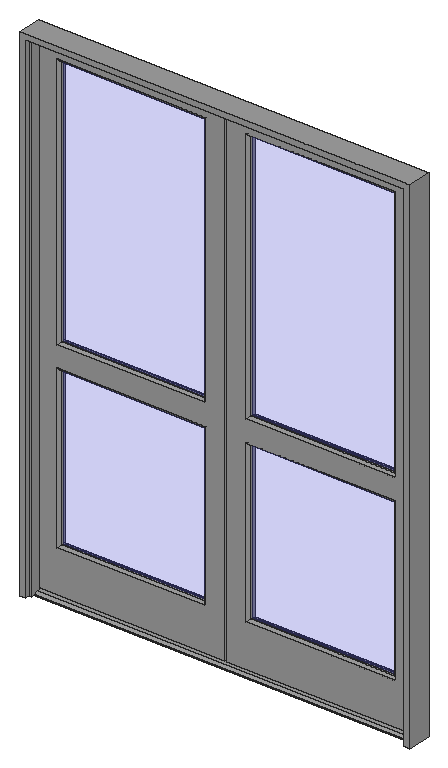
Revit family "MS-375 DOOR-Double-VIP-0.25-CW_v04", category Curtain Panels, Revit 2015 (continued)
Definition of nested family "2.5x6-RTCIG CW-H8533-DHD-OHD SC-DI"
  Lines and regions (in)
    detail lines, in view "Ref. Level", detail levels fine
      curve 103: line (0.65096, -1.36833, 0) -> (0.58796, -1.37733, 0)
      curve 104: line (0.58796, -1.37733, 0) -> (0.60596, -1.37733, 0)
      curve 105: line (0.60596, -1.37733, 0) -> (0.61696, -1.37533, 0)
      curve 106: line (0.61696, -1.37533, 0) -> (0.63196, -1.37433, 0)
      curve 107: line (0.63196, -1.37433, 0) -> (0.65896, -1.37233, 0)
      curve 108: line (0.65896, -1.37233, 0) -> (0.67896, -1.37033, 0)
      curve 109: line (0.67896, -1.37033, 0) -> (0.65296, -1.36633, 0)
      curve 110: line (0.65296, -1.36633, 0) -> (0.62296, -1.36633, 0)
      curve 111: line (0.62296, -1.36633, 0) -> (0.58996, -1.36433, 0)
      curve 112: line (0.58996, -1.36433, 0) -> (0.54796, -1.36933, 0)
      curve 113: line (0.57196, -1.38433, 0) -> (0.58996, -1.38133, 0)
      curve 114: line (0.58996, -1.38133, 0) -> (0.54796, -1.38833, 0)
      curve 115: line (0.54796, -1.38833, 0) -> (0.57196, -1.38433, 0)
      curve 116: line (0.54996, -1.24133, 0) -> (0.56796, -1.23933, 0)
      curve 117: line (0.56796, -1.23933, 0) -> (0.58096, -1.23733, 0)
      curve 118: line (0.58096, -1.23733, 0) -> (0.59396, -1.23533, 0)
      curve 119: line (0.59396, -1.23533, 0) -> (0.61496, -1.23533, 0)
      curve 120: line (0.61496, -1.23533, 0) -> (0.62796, -1.23533, 0)
      curve 121: line (0.62796, -1.23533, 0) -> (0.65696, -1.23733, 0)
      curve 122: line (0.65696, -1.23733, 0) -> (0.67096, -1.23733, 0)
      curve 123: line (0.67096, -1.23733, 0) -> (0.67896, -1.23933, 0)
      curve 124: line (0.67896, -1.23933, 0) -> (0.69696, -1.24133, 0)
      curve 125: line (0.69696, -1.24133, 0) -> (0.71096, -1.24433, 0)
      curve 126: line (0.71096, -1.24433, 0) -> (0.72796, -1.25233, 0)
      curve 127: line (0.72796, -1.25233, 0) -> (0.74196, -1.25233, 0)
      curve 128: line (0.74196, -1.25233, 0) -> (0.72596, -1.24433, 0)
      curve 129: line (0.72596, -1.24433, 0) -> (0.71096, -1.25033, 0)
      curve 130: line (0.71096, -1.25033, 0) -> (0.70196, -1.25033, 0)
      curve 131: line (0.70196, -1.25033, 0) -> (0.68596, -1.25033, 0)
      curve 132: line (0.68596, -1.25033, 0) -> (0.67096, -1.24633, 0)
      curve 133: line (0.67096, -1.24633, 0) -> (0.65496, -1.24633, 0)
      curve 134: line (0.65496, -1.24633, 0) -> (0.62296, -1.24633, 0)
      curve 135: line (0.62296, -1.24633, 0) -> (0.60596, -1.24633, 0)
      curve 136: line (0.60596, -1.24633, 0) -> (0.59396, -1.24633, 0)
      curve 137: line (0.59396, -1.24633, 0) -> (0.54796, -1.25433, 0)
      curve 138: line (0.54996, -1.20833, 0) -> (0.56096, -1.20833, 0)
      curve 139: line (0.56096, -1.20833, 0) -> (0.58096, -1.20833, 0)
      curve 140: line (0.58096, -1.20833, 0) -> (0.59196, -1.20633, 0)
      curve 141: line (0.59196, -1.20633, 0) -> (0.59896, -1.20633, 0)
      curve 142: line (0.59896, -1.20633, 0) -> (0.60596, -1.20833, 0)
      curve 143: line (0.60596, -1.20833, 0) -> (0.62296, -1.21433, 0)
      curve 144: line (0.62296, -1.21433, 0) -> (0.65496, -1.21233, 0)
      curve 145: line (0.65496, -1.21233, 0) -> (0.66196, -1.21033, 0)
      curve 146: line (0.66196, -1.21033, 0) -> (0.67096, -1.21233, 0)
      curve 147: line (0.67096, -1.21233, 0) -> (0.68096, -1.21233, 0)
      curve 148: line (0.68096, -1.21233, 0) -> (0.68996, -1.21233, 0)
      curve 149: line (0.74596, -1.21033, 0) -> (0.73496, -1.21033, 0)
      curve 150: line (0.73496, -1.21033, 0) -> (0.74196, -1.21033, 0)
      curve 151: line (0.74196, -1.21033, 0) -> (0.75296, -1.21033, 0)
      curve 152: line (0.75296, -1.21033, 0) -> (0.76396, -1.21033, 0)
      curve 153: line (0.76396, -1.21033, 0) -> (0.77496, -1.20633, 0)
      curve 154: line (0.77896, -1.20633, 0) -> (0.76796, -1.20633, 0)
      curve 155: line (0.76796, -1.20633, 0) -> (0.76096, -1.20633, 0)
      curve 156: line (0.76096, -1.20633, 0) -> (0.75296, -1.20833, 0)
      curve 157: line (0.75296, -1.20833, 0) -> (0.74596, -1.21033, 0)
      curve 158: line (0.78096, -1.27033, 0) -> (0.76996, -1.27233, 0)
      curve 159: line (0.76996, -1.27233, 0) -> (0.75496, -1.27433, 0)
      curve 160: line (0.75496, -1.27433, 0) -> (0.74396, -1.27433, 0)
      curve 161: line (0.74396, -1.27433, 0) -> (0.73496, -1.27433, 0)
      curve 162: line (0.73496, -1.27433, 0) -> (0.71496, -1.27433, 0)
      curve 163: line (0.71496, -1.27433, 0) -> (0.69696, -1.27433, 0)
      curve 164: line (0.69696, -1.27433, 0) -> (0.67496, -1.27033, 0)
      curve 165: line (0.67496, -1.27033, 0) -> (0.65696, -1.27033, 0)
      curve 166: line (0.65696, -1.27033, 0) -> (0.60996, -1.27033, 0)
      curve 167: line (0.60996, -1.27033, 0) -> (0.57396, -1.27033, 0)
      curve 168: line (0.57396, -1.27033, 0) -> (0.54796, -1.26833, 0)
      curve 169: line (0.54796, -1.26133, 0) -> (0.56796, -1.26133, 0)
      curve 170: line (0.56796, -1.26133, 0) -> (0.59696, -1.26133, 0)
      curve 171: line (0.59696, -1.26133, 0) -> (0.62496, -1.26133, 0)
      curve 172: line (0.62496, -1.26133, 0) -> (0.66796, -1.26333, 0)
      curve 173: line (0.66796, -1.26333, 0) -> (0.70096, -1.26433, 0)
      curve 174: line (0.70096, -1.26433, 0) -> (0.71896, -1.26333, 0)
      curve 175: line (0.71896, -1.26333, 0) -> (0.73296, -1.26333, 0)
      curve 176: line (0.73296, -1.26333, 0) -> (0.75096, -1.26333, 0)
      curve 177: line (0.75096, -1.26333, 0) -> (0.76096, -1.26333, 0)
      curve 178: line (0.76096, -1.26333, 0) -> (0.76796, -1.26333, 0)
      curve 179: line (0.76796, -1.26333, 0) -> (0.78096, -1.26333, 0)
      curve 180: line (0.78096, -1.25133, 0) -> (0.76996, -1.25033, 0)
      curve 181: line (0.76996, -1.25033, 0) -> (0.76196, -1.25033, 0)
      curve 182: line (0.76196, -1.25033, 0) -> (0.75096, -1.25233, 0)
      curve 183: line (0.75096, -1.25233, 0) -> (0.74196, -1.25233, 0)
      curve 184: line (0.74196, -1.25233, 0) -> (0.74996, -1.24833, 0)
      curve 185: line (0.74996, -1.24833, 0) -> (0.76396, -1.24633, 0)
      curve 186: line (0.76396, -1.24633, 0) -> (0.77496, -1.24333, 0)
      curve 187: line (0.76996, -1.22433, 0) -> (0.75496, -1.22433, 0)
      curve 188: line (0.75496, -1.22433, 0) -> (0.74196, -1.22633, 0)
      curve 189: line (0.74196, -1.22633, 0) -> (0.73296, -1.22633, 0)
      curve 190: line (0.73296, -1.22633, 0) -> (0.70996, -1.22433, 0)
      curve 191: line (0.70996, -1.22433, 0) -> (0.69896, -1.22333, 0)
      curve 192: line (0.69896, -1.22333, 0) -> (0.67696, -1.22433, 0)
      curve 193: line (0.67696, -1.22433, 0) -> (0.65296, -1.22333, 0)
      curve 194: line (0.65296, -1.22333, 0) -> (0.62296, -1.22333, 0)
      curve 195: line (0.62296, -1.22333, 0) -> (0.59896, -1.22133, 0)
      curve 196: line (0.59896, -1.22133, 0) -> (0.58096, -1.22133, 0)
      curve 197: line (0.58096, -1.22133, 0) -> (0.56096, -1.22133, 0)
      curve 198: line (0.56096, -1.22133, 0) -> (0.54796, -1.22233, 0)
      curve 199: line (0.73496, -1.21033, 0) -> (0.71896, -1.21233, 0)
      curve 200: line (0.71896, -1.21233, 0) -> (0.70996, -1.20833, 0)
      curve 201: line (0.70996, -1.20833, 0) -> (0.72396, -1.20833, 0)
      curve 202: line (0.72396, -1.20833, 0) -> (0.73296, -1.21233, 0)
      curve 203: line (0.73296, -1.37433, 0) -> (0.74396, -1.37433, 0)
      curve 204: line (0.74396, -1.37433, 0) -> (0.76096, -1.37433, 0)
      curve 205: line (0.76096, -1.37433, 0) -> (0.77296, -1.37433, 0)
      curve 206: line (0.78096, -1.37033, 0) -> (0.77096, -1.37033, 0)
      curve 207: line (0.77096, -1.37033, 0) -> (0.75496, -1.37033, 0)
      curve 208: line (0.75496, -1.37033, 0) -> (0.74796, -1.36833, 0)
      curve 209: line (0.74796, -1.36833, 0) -> (0.74096, -1.36833, 0)
      curve 210: line (0.74096, -1.36833, 0) -> (0.72996, -1.36633, 0)
      curve 211: line (0.72996, -1.36633, 0) -> (0.71496, -1.36633, 0)
      curve 212: line (0.71496, -1.36633, 0) -> (0.70396, -1.36633, 0)
      curve 213: line (0.70396, -1.36633, 0) -> (0.68996, -1.37033, 0)
      curve 214: line (0.68996, -1.37033, 0) -> (0.70596, -1.37233, 0)
      curve 215: line (0.70596, -1.37233, 0) -> (0.72096, -1.37233, 0)
      curve 216: line (0.72096, -1.37233, 0) -> (0.73296, -1.37433, 0)
      curve 217: line (0.75896, -1.35433, 0) -> (0.74796, -1.35033, 0)
      curve 218: line (0.74796, -1.35033, 0) -> (0.76396, -1.34633, 0)
      curve 219: line (0.76396, -1.34633, 0) -> (0.77296, -1.34633, 0)
      curve 220: line (0.77296, -1.34633, 0) -> (0.78096, -1.34833, 0)
      curve 221: line (0.78096, -1.34833, 0) -> (0.77296, -1.35433, 0)
      curve 222: line (0.77296, -1.35433, 0) -> (0.76596, -1.35433, 0)
      curve 223: line (0.76596, -1.35433, 0) -> (0.75896, -1.35433, 0)
      curve 224: line (0.54796, -1.31033, 0) -> (0.55896, -1.31033, 0)
      curve 225: line (0.55896, -1.31033, 0) -> (0.58796, -1.30833, 0)
      curve 226: line (0.58796, -1.30833, 0) -> (0.61496, -1.30833, 0)
      curve 227: line (0.61496, -1.30833, 0) -> (0.62796, -1.30833, 0)
      curve 228: line (0.62796, -1.30833, 0) -> (0.66196, -1.31033, 0)
      curve 229: line (0.66196, -1.31033, 0) -> (0.68096, -1.31233, 0)
      curve 230: line (0.68096, -1.31233, 0) -> (0.69896, -1.31433, 0)
      curve 231: line (0.69896, -1.31433, 0) -> (0.72096, -1.31433, 0)
      curve 232: line (0.72096, -1.31433, 0) -> (0.73696, -1.31433, 0)
      curve 233: line (0.73696, -1.31433, 0) -> (0.75896, -1.31433, 0)
      curve 234: line (0.75896, -1.31433, 0) -> (0.76596, -1.31433, 0)
      curve 235: line (0.76596, -1.31433, 0) -> (0.77896, -1.31033, 0)
      curve 236: line (0.54796, -1.32333, 0) -> (0.57896, -1.32133, 0)
      curve 237: line (0.57896, -1.32133, 0) -> (0.60496, -1.31933, 0)
      curve 238: line (0.60496, -1.31933, 0) -> (0.61896, -1.31933, 0)
      curve 239: line (0.61896, -1.31933, 0) -> (0.66196, -1.31933, 0)
      curve 240: line (0.66196, -1.31933, 0) -> (0.67696, -1.32133, 0)
      curve 241: line (0.67696, -1.32133, 0) -> (0.70096, -1.32133, 0)
      curve 242: line (0.70096, -1.32133, 0) -> (0.71496, -1.32133, 0)
      curve 243: line (0.71496, -1.32133, 0) -> (0.73496, -1.32133, 0)
      curve 244: line (0.73496, -1.32133, 0) -> (0.75096, -1.32333, 0)
      curve 245: line (0.75096, -1.32333, 0) -> (0.76196, -1.32433, 0)
      curve 246: line (0.76196, -1.32433, 0) -> (0.77096, -1.32433, 0)
      curve 247: line (0.77096, -1.32433, 0) -> (0.78096, -1.32433, 0)
      curve 248: line (0.73296, -1.35433, 0) -> (0.74796, -1.35433, 0)
      curve 249: line (0.74796, -1.35433, 0) -> (0.72596, -1.35733, 0)
      curve 250: line (0.72596, -1.35733, 0) -> (0.73296, -1.35433, 0)
      curve 251: line (0.71296, -1.35533, 0) -> (0.70396, -1.36133, 0)
      curve 252: line (0.70396, -1.36133, 0) -> (0.72596, -1.35733, 0)
      curve 253: line (0.72596, -1.35733, 0) -> (0.71296, -1.35533, 0)
      curve 254: line (0.54796, -1.29533, 0) -> (0.57696, -1.29533, 0)
      curve 255: line (0.57696, -1.29533, 0) -> (0.60996, -1.29533, 0)
      curve 256: line (0.60996, -1.29533, 0) -> (0.65296, -1.29533, 0)
      curve 257: line (0.65296, -1.29533, 0) -> (0.67296, -1.29533, 0)
      curve 258: line (0.67296, -1.29533, 0) -> (0.69896, -1.29933, 0)
      curve 259: line (0.69896, -1.29933, 0) -> (0.70796, -1.29933, 0)
      curve 260: line (0.70796, -1.29933, 0) -> (0.72096, -1.30133, 0)
      curve 261: line (0.72096, -1.30133, 0) -> (0.73296, -1.30133, 0)
      curve 262: line (0.73296, -1.30133, 0) -> (0.74396, -1.30133, 0)
      curve 263: line (0.74396, -1.30133, 0) -> (0.75296, -1.30133, 0)
      curve 264: line (0.75296, -1.30133, 0) -> (0.76996, -1.29933, 0)
      curve 265: line (0.76996, -1.29933, 0) -> (0.77696, -1.29933, 0)
      curve 266: line (0.77696, -1.29933, 0) -> (0.77696, -1.2896, 0)
      curve 267: line (0.78096, -1.28933, 0) -> (0.76596, -1.29033, 0)
      curve 268: line (0.76596, -1.29033, 0) -> (0.75496, -1.29033, 0)
      curve 269: line (0.75496, -1.29033, 0) -> (0.74096, -1.29233, 0)
      curve 270: line (0.74096, -1.29233, 0) -> (0.70996, -1.28833, 0)
      curve 271: line (0.70996, -1.28833, 0) -> (0.69296, -1.28833, 0)
      curve 272: line (0.69296, -1.28833, 0) -> (0.67696, -1.28833, 0)
      curve 273: line (0.67696, -1.28833, 0) -> (0.66096, -1.28633, 0)
      curve 274: line (0.66096, -1.28633, 0) -> (0.62296, -1.28633, 0)
      curve 275: line (0.62296, -1.28633, 0) -> (0.60096, -1.28433, 0)
      curve 276: line (0.60096, -1.28433, 0) -> (0.56096, -1.28333, 0)
      curve 277: line (0.56096, -1.28333, 0) -> (0.54796, -1.28333, 0)
      curve 278: line (0.54796, -1.33833, 0) -> (0.57896, -1.33533, 0)
      curve 279: line (0.57896, -1.33533, 0) -> (0.61496, -1.33733, 0)
      curve 280: line (0.61496, -1.33733, 0) -> (0.65296, -1.33733, 0)
      curve 281: line (0.65296, -1.33733, 0) -> (0.67496, -1.33733, 0)
      curve 282: line (0.67496, -1.33733, 0) -> (0.69496, -1.33733, 0)
      curve 283: line (0.69496, -1.33733, 0) -> (0.70996, -1.33733, 0)
      curve 284: line (0.70996, -1.33733, 0) -> (0.72596, -1.33933, 0)
      curve 285: line (0.72596, -1.33933, 0) -> (0.73696, -1.33933, 0)
      curve 286: line (0.73696, -1.33933, 0) -> (0.74796, -1.33933, 0)
      curve 287: line (0.74796, -1.33933, 0) -> (0.75896, -1.33933, 0)
      curve 288: line (0.75896, -1.33933, 0) -> (0.77696, -1.33733, 0)
      curve 289: line (0.78096, -1.41933, 0) -> (0.78096, -1.15933, 0)
    detail lines, in view "Ref. Level", detail levels medium
      curve 290: arc (1.65506, -0.328, 0) -> (1.67791, -0.38315, 0) -> (1.73306, -0.406, 0) r 0.078
      curve 291: arc (0.20206, -0.406, 0) -> (0.25722, -0.38315, 0) -> (0.28006, -0.328, 0) r 0.078
      curve 292: arc (0.68756, -1.173, 0) -> (0.71506, -1.2005, 0) -> (0.74256, -1.173, 0) r 0.0275
      curve 293: arc (0.74256, -1.408, 0) -> (0.71506, -1.3805, 0) -> (0.68756, -1.408, 0) r 0.0275
      curve 294: arc (2.00056, -1, 0) -> (1.96239, -1.07442, 0) -> (2.04511, -1.062, 0) r 0.047
      curve 295: arc (0.95295, -1.053, 0) -> (1.03486, -1.07804, 0) -> (0.99956, -1, 0) r 0.047
      curve 296: line (1.73306, -0.406, 0) -> (1.98306, -0.406, 0)
      curve 297: line (1.98306, -0.406, 0) -> (1.98306, -0.375, 0)
      curve 298: line (1.98306, -0.375, 0) -> (3.09256, -0.375, 0)
      curve 299: line (3.09256, -0.375, 0) -> (3.09256, -0.875, 0)
      curve 300: line (3.09256, -0.875, 0) -> (-1.15744, -0.875, 0)
      curve 301: line (-1.15744, -0.875, 0) -> (-1.15744, -0.375, 0)
      curve 302: line (-1.15744, -0.375, 0) -> (-0.04794, -0.375, 0)
      curve 303: line (-0.04794, -0.375, 0) -> (-0.04794, -0.406, 0)
      curve 304: line (-0.04794, -0.406, 0) -> (0.20206, -0.406, 0)
      curve 305: line (0.28006, -0.328, 0) -> (0.03006, -0.328, 0)
      curve 306: line (0.03006, -0.328, 0) -> (0.03006, -0.25, 0)
      curve 307: line (0.03006, -0.25, 0) -> (-1.28244, -0.25, 0)
      curve 308: line (-1.28244, -0.25, 0) -> (-1.28244, -1, 0)
      curve 309: line (-1.28244, -1, 0) -> (3.21756, -1, 0)
      curve 310: line (3.21756, -1, 0) -> (3.21756, -0.25, 0)
      curve 311: line (3.21756, -0.25, 0) -> (1.90506, -0.25, 0)
      curve 312: line (1.90506, -0.25, 0) -> (1.90506, -0.328, 0)
      curve 313: line (1.90506, -0.328, 0) -> (1.65506, -0.328, 0)
      curve 314: line (0.74256, -1.173, 0) -> (0.74256, -1.143, 0)
      curve 315: line (0.74256, -1.143, 0) -> (0.79756, -1.143, 0)
      curve 316: line (0.79756, -1.143, 0) -> (0.79756, -1.438, 0)
      curve 317: line (0.79756, -1.438, 0) -> (0.74256, -1.438, 0)
      curve 318: line (0.74256, -1.438, 0) -> (0.74256, -1.408, 0)
      curve 319: line (0.68756, -1.408, 0) -> (0.68756, -1.5, 0)
      curve 320: line (0.68756, -1.5, 0) -> (2.31256, -1.5, 0)
      curve 321: line (2.31256, -1.5, 0) -> (2.31256, -1, 0)
      curve 322: line (2.31256, -1, 0) -> (2.00056, -1, 0)
      curve 323: line (2.04511, -1.062, 0) -> (2.25056, -1.062, 0)
      curve 324: line (2.25056, -1.062, 0) -> (2.25056, -1.438, 0)
      curve 325: line (2.25056, -1.438, 0) -> (0.85956, -1.438, 0)
      curve 326: line (0.85956, -1.438, 0) -> (0.85956, -1.053, 0)
      curve 327: line (0.85956, -1.053, 0) -> (0.95295, -1.053, 0)
      curve 328: line (0.99956, -1, 0) -> (0.79756, -1, 0)
      curve 329: line (0.79756, -1, 0) -> (0.79756, -1.081, 0)
      curve 330: line (0.79756, -1.081, 0) -> (0.74256, -1.081, 0)
      curve 331: line (0.74256, -1.081, 0) -> (0.74256, -1, 0)
      curve 332: line (0.74256, -1, 0) -> (0.68756, -1, 0)
      curve 333: line (0.68756, -1, 0) -> (0.68756, -1.173, 0)
      curve 334: line (-1.28244, 0, 0) -> (-1.28244, -1, 0)
      curve 335: line (-1.28244, -1, 0) -> (0.68756, -1, 0)
      curve 336: line (0.68756, -1, 0) -> (0.68756, -1.5, 0)
      curve 337: line (0.68756, -1.5, 0) -> (2.31256, -1.5, 0)
      curve 338: line (2.31256, -1.5, 0) -> (2.31256, -1, 0)
      curve 339: line (2.31256, -1, 0) -> (3.21756, -1, 0)
      curve 340: line (3.21756, -1, 0) -> (3.21756, 0, 0)
      curve 341: line (3.21756, 0, 0) -> (-1.28244, 0, 0)
    detail lines, in view "Ref. Level", not visible, detail levels fine
      curve 342: arc (1.65506, -0.328, 0) -> (1.67791, -0.38315, 0) -> (1.73306, -0.406, 0) r 0.078
      curve 343: arc (0.20206, -0.406, 0) -> (0.25722, -0.38315, 0) -> (0.28006, -0.328, 0) r 0.078
      curve 344: arc (0.68756, -1.173, 0) -> (0.71506, -1.2005, 0) -> (0.74256, -1.173, 0) r 0.0275
      curve 345: arc (0.74256, -1.408, 0) -> (0.71506, -1.3805, 0) -> (0.68756, -1.408, 0) r 0.0275
      curve 346: arc (2.00056, -1, 0) -> (1.96239, -1.07442, 0) -> (2.04511, -1.062, 0) r 0.047
      curve 347: arc (0.95295, -1.053, 0) -> (1.03486, -1.07804, 0) -> (0.99956, -1, 0) r 0.047
      curve 348: line (1.73306, -0.406, 0) -> (1.98306, -0.406, 0)
      curve 349: line (1.98306, -0.406, 0) -> (1.98306, -0.375, 0)
      curve 350: line (1.98306, -0.375, 0) -> (3.09256, -0.375, 0)
      curve 351: line (3.09256, -0.375, 0) -> (3.09256, -0.875, 0)
      curve 352: line (3.09256, -0.875, 0) -> (-1.15744, -0.875, 0)
      curve 353: line (-1.15744, -0.875, 0) -> (-1.15744, -0.375, 0)
      curve 354: line (-1.15744, -0.375, 0) -> (-0.04794, -0.375, 0)
      curve 355: line (-0.04794, -0.375, 0) -> (-0.04794, -0.406, 0)
      curve 356: line (-0.04794, -0.406, 0) -> (0.20206, -0.406, 0)
      curve 357: line (0.28006, -0.328, 0) -> (0.03006, -0.328, 0)
      curve 358: line (0.03006, -0.328, 0) -> (0.03006, -0.25, 0)
      curve 359: line (0.03006, -0.25, 0) -> (-1.28244, -0.25, 0)
      curve 360: line (-1.28244, -0.25, 0) -> (-1.28244, -1, 0)
      curve 361: line (-1.28244, -1, 0) -> (3.21756, -1, 0)
      curve 362: line (3.21756, -1, 0) -> (3.21756, -0.25, 0)
      curve 363: line (3.21756, -0.25, 0) -> (1.90506, -0.25, 0)
      curve 364: line (1.90506, -0.25, 0) -> (1.90506, -0.328, 0)
      curve 365: line (1.90506, -0.328, 0) -> (1.65506, -0.328, 0)
      curve 366: line (0.74256, -1.173, 0) -> (0.74256, -1.143, 0)
      curve 367: line (0.74256, -1.143, 0) -> (0.79756, -1.143, 0)
      curve 368: line (0.79756, -1.143, 0) -> (0.79756, -1.438, 0)
      curve 369: line (0.79756, -1.438, 0) -> (0.74256, -1.438, 0)
      curve 370: line (0.74256, -1.438, 0) -> (0.74256, -1.408, 0)
      curve 371: line (0.68756, -1.408, 0) -> (0.68756, -1.5, 0)
      curve 372: line (0.68756, -1.5, 0) -> (2.31256, -1.5, 0)
      curve 373: line (2.31256, -1.5, 0) -> (2.31256, -1, 0)
      curve 374: line (2.31256, -1, 0) -> (2.00056, -1, 0)
      curve 375: line (2.04511, -1.062, 0) -> (2.25056, -1.062, 0)
      curve 376: line (2.25056, -1.062, 0) -> (2.25056, -1.438, 0)
      curve 377: line (2.25056, -1.438, 0) -> (0.85956, -1.438, 0)
      curve 378: line (0.85956, -1.438, 0) -> (0.85956, -1.053, 0)
      curve 379: line (0.85956, -1.053, 0) -> (0.95295, -1.053, 0)
      curve 380: line (0.99956, -1, 0) -> (0.79756, -1, 0)
      curve 381: line (0.79756, -1, 0) -> (0.79756, -1.081, 0)
      curve 382: line (0.79756, -1.081, 0) -> (0.74256, -1.081, 0)
      curve 383: line (0.74256, -1.081, 0) -> (0.74256, -1, 0)
      curve 384: line (0.74256, -1, 0) -> (0.68756, -1, 0)
      curve 385: line (0.68756, -1, 0) -> (0.68756, -1.173, 0)
      curve 386: line (-1.28244, 0, 0) -> (-1.28244, -1, 0)
      curve 387: line (-1.28244, -1, 0) -> (0.68756, -1, 0)
      curve 388: line (0.68756, -1, 0) -> (0.68756, -1.5, 0)
      curve 389: line (0.68756, -1.5, 0) -> (2.31256, -1.5, 0)
      curve 390: line (2.31256, -1.5, 0) -> (2.31256, -1, 0)
      curve 391: line (2.31256, -1, 0) -> (3.21756, -1, 0)
      curve 392: line (3.21756, -1, 0) -> (3.21756, 0, 0)
      curve 393: line (3.21756, 0, 0) -> (-1.28244, 0, 0)
      curve 394: arc (-1.28244, -0.25, 0) -> (-1.26095, -0.125, 0) -> (-1.28244, 0, 0) r 0.37439
      curve 395: arc (3.21756, 0, 0) -> (3.19608, -0.125, 0) -> (3.21756, -0.25, 0) r 0.37439
      curve 396: arc (1.95497, -1.14175, 0) -> (1.95619, -1.1362, 0) -> (1.95482, -1.13068, 0) r 0.0125
      curve 397: arc (1.98284, -1.14139, 0) -> (1.98406, -1.13584, 0) -> (1.9827, -1.13032, 0) r 0.0125
      curve 398: arc (1.01743, -1.13032, 0) -> (1.01607, -1.13584, 0) -> (1.01729, -1.14139, 0) r 0.0125
      curve 399: arc (1.0453, -1.13068, 0) -> (1.04394, -1.1362, 0) -> (1.04516, -1.14175, 0) r 0.0125
      curve 400: arc (1.10681, -1.025, 0) -> (1.10028, -1.02684, 0) -> (1.09567, -1.03182, 0) r 0.0125
      curve 401: arc (1.90446, -1.03183, 0) -> (1.89985, -1.02684, 0) -> (1.89332, -1.025, 0) r 0.0125
      curve 402: line (-1.03244, -0.25, 0) -> (-1.03244, 0, 0)
      curve 403: line (-1.03244, 0, 0) -> (2.96756, 0, 0)
      curve 404: line (2.96756, 0, 0) -> (2.96756, -0.25, 0)
      curve 405: line (2.96756, -0.25, 0) -> (-1.03244, -0.25, 0)
      curve 406: line (-1.03244, -0.25, 0) -> (2.96756, 0, 0)
      curve 407: line (-1.03244, 0, 0) -> (2.96756, -0.25, 0)
      curve 408: line (1.95497, -1.14175, 0) -> (1.89789, -1.26122, 0)
      curve 409: line (1.89789, -1.26122, 0) -> (1.92045, -1.272, 0)
      curve 410: line (1.92045, -1.272, 0) -> (1.98284, -1.14139, 0)
      curve 411: line (1.9827, -1.13032, 0) -> (1.92904, -1.025, 0)
      curve 412: line (1.92904, -1.025, 0) -> (1.95506, -1.025, 0)
      curve 413: line (1.95506, -1.025, 0) -> (1.95506, -1, 0)
      curve 414: line (1.95506, -1, 0) -> (1.04506, -1, 0)
      curve 415: line (1.04506, -1, 0) -> (1.04506, -1.025, 0)
      curve 416: line (1.04506, -1.025, 0) -> (1.07109, -1.025, 0)
      curve 417: line (1.07109, -1.025, 0) -> (1.01743, -1.13032, 0)
      curve 418: line (1.01729, -1.14139, 0) -> (1.07968, -1.272, 0)
      curve 419: line (1.07968, -1.272, 0) -> (1.10224, -1.26122, 0)
      curve 420: line (1.10224, -1.26122, 0) -> (1.04516, -1.14175, 0)
      curve 421: line (1.0453, -1.13068, 0) -> (1.09567, -1.03182, 0)
      curve 422: line (1.10681, -1.025, 0) -> (1.89332, -1.025, 0)
      curve 423: line (1.90446, -1.03183, 0) -> (1.95482, -1.13068, 0)
      curve 424: line (0.54796, -1.18033, 0) -> (0.56296, -1.18633, 0)
      curve 425: line (0.56296, -1.18633, 0) -> (0.57696, -1.19533, 0)
      curve 426: line (0.57696, -1.19533, 0) -> (0.60296, -1.19933, 0)
      curve 427: line (0.60296, -1.19933, 0) -> (0.62096, -1.20333, 0)
      curve 428: line (0.62096, -1.20333, 0) -> (0.65696, -1.20433, 0)
      curve 429: line (0.65696, -1.20433, 0) -> (0.67296, -1.20633, 0)
      curve 430: line (0.67296, -1.20633, 0) -> (0.69296, -1.20833, 0)
      curve 431: line (0.69296, -1.20833, 0) -> (0.69696, -1.21433, 0)
      curve 432: line (0.69696, -1.21433, 0) -> (0.70996, -1.20833, 0)
      curve 433: line (0.70996, -1.20833, 0) -> (0.69696, -1.21433, 0)
      curve 434: line (0.55396, -1.35233, 0) -> (0.58296, -1.35233, 0)
      curve 435: line (0.58296, -1.35233, 0) -> (0.60796, -1.35233, 0)
      curve 436: line (0.60796, -1.35233, 0) -> (0.62496, -1.35433, 0)
      curve 437: line (0.62496, -1.35433, 0) -> (0.65696, -1.35433, 0)
      curve 438: line (0.65696, -1.35433, 0) -> (0.67696, -1.35533, 0)
      curve 439: line (0.67696, -1.35533, 0) -> (0.70396, -1.36133, 0)
      curve 440: line (0.70396, -1.36133, 0) -> (0.67496, -1.36433, 0)
      curve 441: line (0.67496, -1.36433, 0) -> (0.68996, -1.37033, 0)
      curve 442: line (0.68996, -1.37033, 0) -> (0.67296, -1.36633, 0)
      curve 443: line (0.67296, -1.36633, 0) -> (0.65096, -1.36833, 0)
      curve 444: line (0.65096, -1.36833, 0) -> (0.58796, -1.37733, 0)
      curve 445: line (0.58796, -1.37733, 0) -> (0.60596, -1.37733, 0)
      curve 446: line (0.60596, -1.37733, 0) -> (0.61696, -1.37533, 0)
      curve 447: line (0.61696, -1.37533, 0) -> (0.63196, -1.37433, 0)
      curve 448: line (0.63196, -1.37433, 0) -> (0.65896, -1.37233, 0)
      curve 449: line (0.65896, -1.37233, 0) -> (0.67896, -1.37033, 0)
      curve 450: line (0.67896, -1.37033, 0) -> (0.65296, -1.36633, 0)
      curve 451: line (0.65296, -1.36633, 0) -> (0.62296, -1.36633, 0)
      curve 452: line (0.62296, -1.36633, 0) -> (0.58996, -1.36433, 0)
      curve 453: line (0.58996, -1.36433, 0) -> (0.54796, -1.36933, 0)
      curve 454: line (0.57196, -1.38433, 0) -> (0.58996, -1.38133, 0)
      curve 455: line (0.58996, -1.38133, 0) -> (0.54796, -1.38833, 0)
      curve 456: line (0.54796, -1.38833, 0) -> (0.57196, -1.38433, 0)
      curve 457: line (0.54996, -1.24133, 0) -> (0.56796, -1.23933, 0)
      curve 458: line (0.56796, -1.23933, 0) -> (0.58096, -1.23733, 0)
      curve 459: line (0.58096, -1.23733, 0) -> (0.59396, -1.23533, 0)
      curve 460: line (0.59396, -1.23533, 0) -> (0.61496, -1.23533, 0)
      curve 461: line (0.61496, -1.23533, 0) -> (0.62796, -1.23533, 0)
      curve 462: line (0.62796, -1.23533, 0) -> (0.65696, -1.23733, 0)
      curve 463: line (0.65696, -1.23733, 0) -> (0.67096, -1.23733, 0)
      curve 464: line (0.67096, -1.23733, 0) -> (0.67896, -1.23933, 0)
      curve 465: line (0.67896, -1.23933, 0) -> (0.69696, -1.24133, 0)
      curve 466: line (0.69696, -1.24133, 0) -> (0.71096, -1.24433, 0)
      curve 467: line (0.71096, -1.24433, 0) -> (0.72796, -1.25233, 0)
      curve 468: line (0.72796, -1.25233, 0) -> (0.74196, -1.25233, 0)
      curve 469: line (0.74196, -1.25233, 0) -> (0.72596, -1.24433, 0)
      curve 470: line (0.72596, -1.24433, 0) -> (0.71096, -1.25033, 0)
      curve 471: line (0.71096, -1.25033, 0) -> (0.70196, -1.25033, 0)
      curve 472: line (0.70196, -1.25033, 0) -> (0.68596, -1.25033, 0)
      curve 473: line (0.68596, -1.25033, 0) -> (0.67096, -1.24633, 0)
      curve 474: line (0.67096, -1.24633, 0) -> (0.65496, -1.24633, 0)
      curve 475: line (0.65496, -1.24633, 0) -> (0.62296, -1.24633, 0)
      curve 476: line (0.62296, -1.24633, 0) -> (0.60596, -1.24633, 0)
      curve 477: line (0.60596, -1.24633, 0) -> (0.59396, -1.24633, 0)
      curve 478: line (0.59396, -1.24633, 0) -> (0.54796, -1.25433, 0)
      curve 479: line (0.54996, -1.20833, 0) -> (0.56096, -1.20833, 0)
      curve 480: line (0.56096, -1.20833, 0) -> (0.58096, -1.20833, 0)
      curve 481: line (0.58096, -1.20833, 0) -> (0.59196, -1.20633, 0)
      curve 482: line (0.59196, -1.20633, 0) -> (0.59896, -1.20633, 0)
      curve 483: line (0.59896, -1.20633, 0) -> (0.60596, -1.20833, 0)
      curve 484: line (0.60596, -1.20833, 0) -> (0.62296, -1.21433, 0)
      curve 485: line (0.62296, -1.21433, 0) -> (0.65496, -1.21233, 0)
      curve 486: line (0.65496, -1.21233, 0) -> (0.66196, -1.21033, 0)
      curve 487: line (0.66196, -1.21033, 0) -> (0.67096, -1.21233, 0)
      curve 488: line (0.67096, -1.21233, 0) -> (0.68096, -1.21233, 0)
      curve 489: line (0.68096, -1.21233, 0) -> (0.68996, -1.21233, 0)
      curve 490: line (0.74596, -1.21033, 0) -> (0.73496, -1.21033, 0)
      curve 491: line (0.73496, -1.21033, 0) -> (0.74196, -1.21033, 0)
      curve 492: line (0.74196, -1.21033, 0) -> (0.75296, -1.21033, 0)
      curve 493: line (0.75296, -1.21033, 0) -> (0.76396, -1.21033, 0)
      curve 494: line (0.76396, -1.21033, 0) -> (0.77496, -1.20633, 0)
      curve 495: line (0.77896, -1.20633, 0) -> (0.76796, -1.20633, 0)
      curve 496: line (0.76796, -1.20633, 0) -> (0.76096, -1.20633, 0)
      curve 497: line (0.76096, -1.20633, 0) -> (0.75296, -1.20833, 0)
      curve 498: line (0.75296, -1.20833, 0) -> (0.74596, -1.21033, 0)
      curve 499: line (0.78096, -1.27033, 0) -> (0.76996, -1.27233, 0)
      curve 500: line (0.76996, -1.27233, 0) -> (0.75496, -1.27433, 0)
      curve 501: line (0.75496, -1.27433, 0) -> (0.74396, -1.27433, 0)
      curve 502: line (0.74396, -1.27433, 0) -> (0.73496, -1.27433, 0)
      curve 503: line (0.73496, -1.27433, 0) -> (0.71496, -1.27433, 0)
      curve 504: line (0.71496, -1.27433, 0) -> (0.69696, -1.27433, 0)
      curve 505: line (0.69696, -1.27433, 0) -> (0.67496, -1.27033, 0)
      curve 506: line (0.67496, -1.27033, 0) -> (0.65696, -1.27033, 0)
      curve 507: line (0.65696, -1.27033, 0) -> (0.60996, -1.27033, 0)
      curve 508: line (0.60996, -1.27033, 0) -> (0.57396, -1.27033, 0)
      curve 509: line (0.57396, -1.27033, 0) -> (0.54796, -1.26833, 0)
      curve 510: line (0.54796, -1.26133, 0) -> (0.56796, -1.26133, 0)
      curve 511: line (0.56796, -1.26133, 0) -> (0.59696, -1.26133, 0)
      curve 512: line (0.59696, -1.26133, 0) -> (0.62496, -1.26133, 0)
      curve 513: line (0.62496, -1.26133, 0) -> (0.66796, -1.26333, 0)
      curve 514: line (0.66796, -1.26333, 0) -> (0.70096, -1.26433, 0)
      curve 515: line (0.70096, -1.26433, 0) -> (0.71896, -1.26333, 0)
      curve 516: line (0.71896, -1.26333, 0) -> (0.73296, -1.26333, 0)
      curve 517: line (0.73296, -1.26333, 0) -> (0.75096, -1.26333, 0)
      curve 518: line (0.75096, -1.26333, 0) -> (0.76096, -1.26333, 0)
      curve 519: line (0.76096, -1.26333, 0) -> (0.76796, -1.26333, 0)
      curve 520: line (0.76796, -1.26333, 0) -> (0.78096, -1.26333, 0)
      curve 521: line (0.78096, -1.25133, 0) -> (0.76996, -1.25033, 0)
      curve 522: line (0.76996, -1.25033, 0) -> (0.76196, -1.25033, 0)
      curve 523: line (0.76196, -1.25033, 0) -> (0.75096, -1.25233, 0)
      curve 524: line (0.75096, -1.25233, 0) -> (0.74196, -1.25233, 0)
      curve 525: line (0.74196, -1.25233, 0) -> (0.74996, -1.24833, 0)
      curve 526: line (0.74996, -1.24833, 0) -> (0.76396, -1.24633, 0)
      curve 527: line (0.76396, -1.24633, 0) -> (0.77496, -1.24333, 0)
      curve 528: line (0.76996, -1.22433, 0) -> (0.75496, -1.22433, 0)
      curve 529: line (0.75496, -1.22433, 0) -> (0.74196, -1.22633, 0)
      curve 530: line (0.74196, -1.22633, 0) -> (0.73296, -1.22633, 0)
      curve 531: line (0.73296, -1.22633, 0) -> (0.70996, -1.22433, 0)
      curve 532: line (0.70996, -1.22433, 0) -> (0.69896, -1.22333, 0)
      curve 533: line (0.69896, -1.22333, 0) -> (0.67696, -1.22433, 0)
      curve 534: line (0.67696, -1.22433, 0) -> (0.65296, -1.22333, 0)
      curve 535: line (0.65296, -1.22333, 0) -> (0.62296, -1.22333, 0)
      curve 536: line (0.62296, -1.22333, 0) -> (0.59896, -1.22133, 0)
      curve 537: line (0.59896, -1.22133, 0) -> (0.58096, -1.22133, 0)
      curve 538: line (0.58096, -1.22133, 0) -> (0.56096, -1.22133, 0)
      curve 539: line (0.56096, -1.22133, 0) -> (0.54796, -1.22233, 0)
      curve 540: line (0.73496, -1.21033, 0) -> (0.71896, -1.21233, 0)
      curve 541: line (0.71896, -1.21233, 0) -> (0.70996, -1.20833, 0)
      curve 542: line (0.70996, -1.20833, 0) -> (0.72396, -1.20833, 0)
      curve 543: line (0.72396, -1.20833, 0) -> (0.73296, -1.21233, 0)
      curve 544: line (0.73296, -1.37433, 0) -> (0.74396, -1.37433, 0)
      curve 545: line (0.74396, -1.37433, 0) -> (0.76096, -1.37433, 0)
      curve 546: line (0.76096, -1.37433, 0) -> (0.77296, -1.37433, 0)
      curve 547: line (0.78096, -1.37033, 0) -> (0.77096, -1.37033, 0)
      curve 548: line (0.77096, -1.37033, 0) -> (0.75496, -1.37033, 0)
      curve 549: line (0.75496, -1.37033, 0) -> (0.74796, -1.36833, 0)
      curve 550: line (0.74796, -1.36833, 0) -> (0.74096, -1.36833, 0)
      curve 551: line (0.74096, -1.36833, 0) -> (0.72996, -1.36633, 0)
      curve 552: line (0.72996, -1.36633, 0) -> (0.71496, -1.36633, 0)
      curve 553: line (0.71496, -1.36633, 0) -> (0.70396, -1.36633, 0)
      curve 554: line (0.70396, -1.36633, 0) -> (0.68996, -1.37033, 0)
      curve 555: line (0.68996, -1.37033, 0) -> (0.70596, -1.37233, 0)
      curve 556: line (0.70596, -1.37233, 0) -> (0.72096, -1.37233, 0)
      curve 557: line (0.72096, -1.37233, 0) -> (0.73296, -1.37433, 0)
      curve 558: line (0.75896, -1.35433, 0) -> (0.74796, -1.35033, 0)
      curve 559: line (0.74796, -1.35033, 0) -> (0.76396, -1.34633, 0)
      curve 560: line (0.76396, -1.34633, 0) -> (0.77296, -1.34633, 0)
      curve 561: line (0.77296, -1.34633, 0) -> (0.78096, -1.34833, 0)
      curve 562: line (0.78096, -1.34833, 0) -> (0.77296, -1.35433, 0)
      curve 563: line (0.77296, -1.35433, 0) -> (0.76596, -1.35433, 0)
      curve 564: line (0.76596, -1.35433, 0) -> (0.75896, -1.35433, 0)
      curve 565: line (0.54796, -1.31033, 0) -> (0.55896, -1.31033, 0)
      curve 566: line (0.55896, -1.31033, 0) -> (0.58796, -1.30833, 0)
      curve 567: line (0.58796, -1.30833, 0) -> (0.61496, -1.30833, 0)
      curve 568: line (0.61496, -1.30833, 0) -> (0.62796, -1.30833, 0)
      curve 569: line (0.62796, -1.30833, 0) -> (0.66196, -1.31033, 0)
      curve 570: line (0.66196, -1.31033, 0) -> (0.68096, -1.31233, 0)
      curve 571: line (0.68096, -1.31233, 0) -> (0.69896, -1.31433, 0)
      curve 572: line (0.69896, -1.31433, 0) -> (0.72096, -1.31433, 0)
      curve 573: line (0.72096, -1.31433, 0) -> (0.73696, -1.31433, 0)
      curve 574: line (0.73696, -1.31433, 0) -> (0.75896, -1.31433, 0)
      curve 575: line (0.75896, -1.31433, 0) -> (0.76596, -1.31433, 0)
      curve 576: line (0.76596, -1.31433, 0) -> (0.77896, -1.31033, 0)
      curve 577: line (0.54796, -1.32333, 0) -> (0.57896, -1.32133, 0)
      curve 578: line (0.57896, -1.32133, 0) -> (0.60496, -1.31933, 0)
      curve 579: line (0.60496, -1.31933, 0) -> (0.61896, -1.31933, 0)
      curve 580: line (0.61896, -1.31933, 0) -> (0.66196, -1.31933, 0)
      curve 581: line (0.66196, -1.31933, 0) -> (0.67696, -1.32133, 0)
      curve 582: line (0.67696, -1.32133, 0) -> (0.70096, -1.32133, 0)
      curve 583: line (0.70096, -1.32133, 0) -> (0.71496, -1.32133, 0)
      curve 584: line (0.71496, -1.32133, 0) -> (0.73496, -1.32133, 0)
      curve 585: line (0.73496, -1.32133, 0) -> (0.75096, -1.32333, 0)
      curve 586: line (0.75096, -1.32333, 0) -> (0.76196, -1.32433, 0)
      curve 587: line (0.76196, -1.32433, 0) -> (0.77096, -1.32433, 0)
      curve 588: line (0.77096, -1.32433, 0) -> (0.78096, -1.32433, 0)
      curve 589: line (0.73296, -1.35433, 0) -> (0.74796, -1.35433, 0)
      curve 590: line (0.74796, -1.35433, 0) -> (0.72596, -1.35733, 0)
      curve 591: line (0.72596, -1.35733, 0) -> (0.73296, -1.35433, 0)
      curve 592: line (0.71296, -1.35533, 0) -> (0.70396, -1.36133, 0)
      curve 593: line (0.70396, -1.36133, 0) -> (0.72596, -1.35733, 0)
      curve 594: line (0.72596, -1.35733, 0) -> (0.71296, -1.35533, 0)
      curve 595: line (0.54796, -1.29533, 0) -> (0.57696, -1.29533, 0)
      curve 596: line (0.57696, -1.29533, 0) -> (0.60996, -1.29533, 0)
      curve 597: line (0.60996, -1.29533, 0) -> (0.65296, -1.29533, 0)
      curve 598: line (0.65296, -1.29533, 0) -> (0.67296, -1.29533, 0)
      curve 599: line (0.67296, -1.29533, 0) -> (0.69896, -1.29933, 0)
      curve 600: line (0.69896, -1.29933, 0) -> (0.70796, -1.29933, 0)
      curve 601: line (0.70796, -1.29933, 0) -> (0.72096, -1.30133, 0)
      curve 602: line (0.72096, -1.30133, 0) -> (0.73296, -1.30133, 0)
      curve 603: line (0.73296, -1.30133, 0) -> (0.74396, -1.30133, 0)
      curve 604: line (0.74396, -1.30133, 0) -> (0.75296, -1.30133, 0)
      curve 605: line (0.75296, -1.30133, 0) -> (0.76996, -1.29933, 0)
      curve 606: line (0.76996, -1.29933, 0) -> (0.77696, -1.29933, 0)
      curve 607: line (0.77696, -1.29933, 0) -> (0.77696, -1.2896, 0)
      curve 608: line (0.78096, -1.28933, 0) -> (0.76596, -1.29033, 0)
      curve 609: line (0.76596, -1.29033, 0) -> (0.75496, -1.29033, 0)
      curve 610: line (0.75496, -1.29033, 0) -> (0.74096, -1.29233, 0)
      curve 611: line (0.74096, -1.29233, 0) -> (0.70996, -1.28833, 0)
      curve 612: line (0.70996, -1.28833, 0) -> (0.69296, -1.28833, 0)
      curve 613: line (0.69296, -1.28833, 0) -> (0.67696, -1.28833, 0)
      curve 614: line (0.67696, -1.28833, 0) -> (0.66096, -1.28633, 0)
      curve 615: line (0.66096, -1.28633, 0) -> (0.62296, -1.28633, 0)
      curve 616: line (0.62296, -1.28633, 0) -> (0.60096, -1.28433, 0)
      curve 617: line (0.60096, -1.28433, 0) -> (0.56096, -1.28333, 0)
      curve 618: line (0.56096, -1.28333, 0) -> (0.54796, -1.28333, 0)
      curve 619: line (0.54796, -1.33833, 0) -> (0.57896, -1.33533, 0)
      curve 620: line (0.57896, -1.33533, 0) -> (0.61496, -1.33733, 0)
      curve 621: line (0.61496, -1.33733, 0) -> (0.65296, -1.33733, 0)
      curve 622: line (0.65296, -1.33733, 0) -> (0.67496, -1.33733, 0)
      curve 623: line (0.67496, -1.33733, 0) -> (0.69496, -1.33733, 0)
      curve 624: line (0.69496, -1.33733, 0) -> (0.70996, -1.33733, 0)
      curve 625: line (0.70996, -1.33733, 0) -> (0.72596, -1.33933, 0)
      curve 626: line (0.72596, -1.33933, 0) -> (0.73696, -1.33933, 0)
      curve 627: line (0.73696, -1.33933, 0) -> (0.74796, -1.33933, 0)
      curve 628: line (0.74796, -1.33933, 0) -> (0.75896, -1.33933, 0)
      curve 629: line (0.75896, -1.33933, 0) -> (0.77696, -1.33733, 0)
      curve 630: line (0.78096, -1.41933, 0) -> (0.78096, -1.15933, 0)
    detail lines, in view "Ref. Level", not visible, detail levels medium
      curve 631: arc (8.63801, -2.3397, 0) -> (8.66086, -2.39486, 0) -> (8.71601, -2.4177, 0) r 0.078
      curve 632: arc (7.18501, -2.4177, 0) -> (7.24017, -2.39486, 0) -> (7.26301, -2.3397, 0) r 0.078
      curve 633: arc (7.67051, -3.1847, 0) -> (7.69801, -3.2122, 0) -> (7.72551, -3.1847, 0) r 0.0275
      curve 634: arc (7.72551, -3.4197, 0) -> (7.69801, -3.3922, 0) -> (7.67051, -3.4197, 0) r 0.0275
      curve 635: arc (8.98351, -3.0117, 0) -> (8.94534, -3.08613, 0) -> (9.02805, -3.0737, 0) r 0.047
      curve 636: arc (7.9359, -3.0647, 0) -> (8.0178, -3.08974, 0) -> (7.98251, -3.0117, 0) r 0.047
      curve 637: line (8.71601, -2.4177, 0) -> (8.96601, -2.4177, 0)
      curve 638: line (8.96601, -2.4177, 0) -> (8.96601, -2.3867, 0)
      curve 639: line (8.96601, -2.3867, 0) -> (10.07551, -2.3867, 0)
      curve 640: line (10.07551, -2.3867, 0) -> (10.07551, -2.8867, 0)
      curve 641: line (10.07551, -2.8867, 0) -> (5.82551, -2.8867, 0)
      curve 642: line (5.82551, -2.8867, 0) -> (5.82551, -2.3867, 0)
      curve 643: line (5.82551, -2.3867, 0) -> (6.93501, -2.3867, 0)
      curve 644: line (6.93501, -2.3867, 0) -> (6.93501, -2.4177, 0)
      curve 645: line (6.93501, -2.4177, 0) -> (7.18501, -2.4177, 0)
      curve 646: line (7.26301, -2.3397, 0) -> (7.01301, -2.3397, 0)
      curve 647: line (7.01301, -2.3397, 0) -> (7.01301, -2.2617, 0)
      curve 648: line (7.01301, -2.2617, 0) -> (5.70051, -2.2617, 0)
      curve 649: line (5.70051, -2.2617, 0) -> (5.70051, -3.0117, 0)
      curve 650: line (5.70051, -3.0117, 0) -> (10.20051, -3.0117, 0)
      curve 651: line (10.20051, -3.0117, 0) -> (10.20051, -2.2617, 0)
      curve 652: line (10.20051, -2.2617, 0) -> (8.88801, -2.2617, 0)
      curve 653: line (8.88801, -2.2617, 0) -> (8.88801, -2.3397, 0)
      curve 654: line (8.88801, -2.3397, 0) -> (8.63801, -2.3397, 0)
      curve 655: line (7.72551, -3.1847, 0) -> (7.72551, -3.1547, 0)
      curve 656: line (7.72551, -3.1547, 0) -> (7.78051, -3.1547, 0)
      curve 657: line (7.78051, -3.1547, 0) -> (7.78051, -3.4497, 0)
      curve 658: line (7.78051, -3.4497, 0) -> (7.72551, -3.4497, 0)
      curve 659: line (7.72551, -3.4497, 0) -> (7.72551, -3.4197, 0)
      curve 660: line (7.67051, -3.4197, 0) -> (7.67051, -3.5117, 0)
      curve 661: line (7.67051, -3.5117, 0) -> (9.29551, -3.5117, 0)
      curve 662: line (9.29551, -3.5117, 0) -> (9.29551, -3.0117, 0)
      curve 663: line (9.29551, -3.0117, 0) -> (8.98351, -3.0117, 0)
      curve 664: line (9.02805, -3.0737, 0) -> (9.23351, -3.0737, 0)
      curve 665: line (9.23351, -3.0737, 0) -> (9.23351, -3.4497, 0)
      curve 666: line (9.23351, -3.4497, 0) -> (7.84251, -3.4497, 0)
      curve 667: line (7.84251, -3.4497, 0) -> (7.84251, -3.0647, 0)
      curve 668: line (7.84251, -3.0647, 0) -> (7.9359, -3.0647, 0)
      curve 669: line (7.98251, -3.0117, 0) -> (7.78051, -3.0117, 0)
      curve 670: line (7.78051, -3.0117, 0) -> (7.78051, -3.0927, 0)
      curve 671: line (7.78051, -3.0927, 0) -> (7.72551, -3.0927, 0)
      curve 672: line (7.72551, -3.0927, 0) -> (7.72551, -3.0117, 0)
      curve 673: line (7.72551, -3.0117, 0) -> (7.67051, -3.0117, 0)
      curve 674: line (7.67051, -3.0117, 0) -> (7.67051, -3.1847, 0)
      curve 675: line (5.70051, -2.0117, 0) -> (5.70051, -3.0117, 0)
      curve 676: line (5.70051, -3.0117, 0) -> (7.67051, -3.0117, 0)
      curve 677: line (7.67051, -3.0117, 0) -> (7.67051, -3.5117, 0)
      curve 678: line (7.67051, -3.5117, 0) -> (9.29551, -3.5117, 0)
      curve 679: line (9.29551, -3.5117, 0) -> (9.29551, -3.0117, 0)
      curve 680: line (9.29551, -3.0117, 0) -> (10.20051, -3.0117, 0)
      curve 681: line (10.20051, -3.0117, 0) -> (10.20051, -2.0117, 0)
      curve 682: line (10.20051, -2.0117, 0) -> (5.70051, -2.0117, 0)
  Dimensions and locks (in)
    aligned and locked: curve 334 to curve 45
    aligned and locked: import instance to curve 340
    aligned and locked: import instance to plane 1 "Center (Front/Back)"
